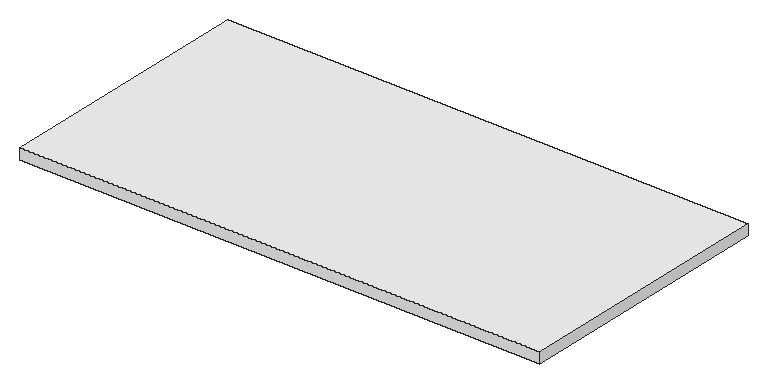
Revit family "Sound Silencer - Ceiling and Wall Panels", category Specialty Equipment, Revit 2023
Family settings
  Round Connector Dimension = Use Diameter
  Part Type = Normal
  OmniClass Number = 23.35.00.00
  OmniClass Title = Covering, Cladding, and Finishes
  Work Plane-Based = Yes
  Enable Cutting in Views = Yes
  Always vertical = No
  Cut with Voids When Loaded = No
  Maintain Annotation Orientation = No
  Shared = No
  Room Calculation Point = No
Parameters (values of type "1 INCH - 24x48 - White")
  ‍      2. Thickness 2" = Thickness Options = 2  # no
  ‍      1. Thickness 1" = Thickness Options = 1  # yes
  URL = "https://www.acousticalsurfaces.com/sound-silencer/ceiling-wall-panel/"
  Type Comments = "Acoustical Panels"
  Thickness Options = 1
  T = if(Thickness Options = 1, 0' 1", 0' 0") + if(Thickness Options = 2, 0' 2", 0' 0")  # 0' - 1"
  Recycled Content Percentage = "0%"
  Model = "Sound Silence Acoustical Panels"
  Material = "Sound Silencer"
  Manufacturer = "Acoustical Surfaces, Inc."
  Fire Rating = "ASTM E84 - Class A"
  Finish = Paint - Acoustical-Surfaces - Sound Silencer - White
  Width = 2' - 0"
  Length = 4' - 0"
  Description = "Acoustical Panels"
  Default Elevation = 4' - 0"
  Assembly Code = "C30"
  Acoustics - NRC = "Sound absorption varies from NRC 0.45 to 0.95 based on installation method used when tested per ASTM C423."
  A = 0' - 0"
Types (8): name | ‍      2. Thickness 2" | ‍      1. Thickness 1" | Thickness Options | T | Finish | Length
  1 INCH - 24x48 - White | no | yes | 1 | 0' - 1" | Paint - Acoustical-Surfaces - Sound Silencer - White | 4' - 0"
  1 INCH - 24x48 - Charcoal | no | yes | 1 | 0' - 1" | Paint - Acoustical-Surfaces - Sound Silencer - Charcoal | 4' - 0"
  2 INCH - 24x48 - Charcoal | yes | no | 2 | 0' - 2" | Paint - Acoustical-Surfaces - Sound Silencer - Charcoal | 4' - 0"
  2 INCH - 24x48 - White | yes | no | 2 | 0' - 2" | Paint - Acoustical-Surfaces - Sound Silencer - White | 4' - 0"
  2 INCH - 24x24 - Charcoal | yes | no | 2 | 0' - 2" | Paint - Acoustical-Surfaces - Sound Silencer - Charcoal | 2' - 0"
  2 INCH - 24x24 - White | yes | no | 2 | 0' - 2" | Paint - Acoustical-Surfaces - Sound Silencer - White | 2' - 0"
  1 INCH - 24x24 - Charcoal | no | yes | 1 | 0' - 1" | Paint - Acoustical-Surfaces - Sound Silencer - Charcoal | 2' - 0"
  1 INCH - 24x24 - White | no | yes | 1 | 0' - 1" | Paint - Acoustical-Surfaces - Sound Silencer - White | 2' - 0"
Reference planes (in)
  plane 1 "Center (Front/Back)": y = 0
  plane 2: z = 0
  plane 3 "Center (Left/Right)": x = 0
  plane 4: x = -24
  plane 5: x = 24
  plane 6: y = 12
  plane 7: y = -12
  plane 8: z = 1
Dimensions and locks (in)
  "A": nested 1 to level
  equal spacing: plane 4, plane 3 "Center (Left/Right)", plane 5
  "Length": plane 4 to plane 5
  equal spacing: plane 7, plane 1 "Center (Front/Back)", plane 6
  "Width": plane 7 to plane 6
  "T": plane 8 to plane 2
  aligned and locked: level to plane 2
Nested families (in)
  nested 1: "Square" at (0, 0, 0), type "Square"
Definition of nested family "Square"
  Parameters (values of type "Square")
    Thickness = 0' - 1"
    Material = none
    Default Elevation = 0' - 0"
    B = 2' - 0"
    A = 4' - 0"
  Reference planes (in)
    plane 1 "Center (Front/Back)": y = 0
    plane 2: z = 0
    plane 3 "Center (Left/Right)": x = 0
    plane 4: x = -24
    plane 5: x = 24
    plane 6: y = 12
    plane 7: y = -12
    plane 8: z = 1
  Forms (in)
    Extrusion 1, solid, material <- "Material"
      sketch origin (0, 0, 0) x (1, 0, 0) y (0, 1, 0)
        loop
          line (24, 12) -> (-24, 12) -> (-24, -12) -> (24, -12) -> (24, 12)
      from 0 to 1
  Dimensions and locks (in)
    equal spacing: plane 4, plane 3 "Center (Left/Right)", plane 5
    equal spacing: plane 7, plane 1 "Center (Front/Back)", plane 6
    "B": plane 7 to plane 6
    "A": plane 4 to plane 5
    "Thickness": plane 8 to level
    aligned and locked: level to plane 2
    aligned and locked: Extrusion 1 sketch curve to plane 4
    aligned and locked: plane 5 to Extrusion 1 sketch curve
    aligned and locked: Extrusion 1 sketch curve to plane 6
    aligned and locked: Extrusion 1 sketch curve to plane 7
    aligned and locked: Extrusion 1 to plane 8
